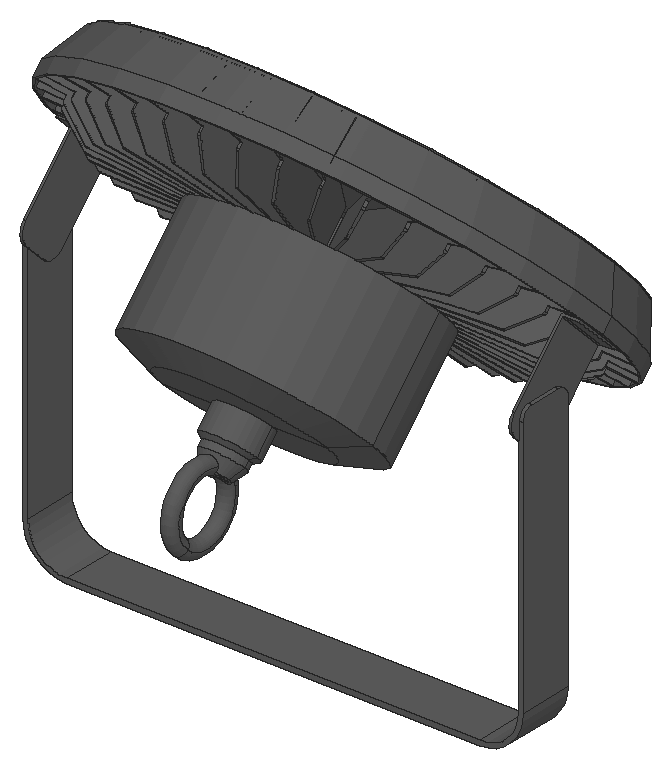
Revit family "0039364+0039355 Sylvania Lighting Fixture START HighBay IP65 DALI 26000lm 840 MB with BRACKET", category Lighting Fixtures, host Face, Revit 2017 (continued)
Definition of nested family "Start LED Highbay DALI Head"
  Nested families
    nested 8: "Start Highbay Rib" at (0, 0, 80.875) x (0.454, 0.891, 0) z (0, 0, 1), type "Type Name", detail levels medium+fine
      with SuspensionHeight_FEILO 2.6 mm, WidthStraight_FEILO 4.7 mm, WidthRingChamfer_FEILO 12.9 mm, WidthCurved_FEILO 26.2 mm, WidthCurvedRing_FEILO 4.7 mm, SizeS_FEILO no, Rib4_FEILO 14.6 mm, Rib3_FEILO 20.2 mm, Rib2_FEILO 4.5 mm, Rib1_FEILO 19 mm, RadiusDiffuser_FEILO 120 mm, RHRadius3_FEILO 8.6 mm, RHRadius2_FEILO 14 mm, RHRadius1_FEILO 17.7 mm, RHHeight4_FEILO 9.2 mm, RHHeight3_FEILO 4.6 mm, RHHeight2_FEILO 2.6 mm, RHHeight1_FEILO 17.4 mm, HeightRing_FEILO 36.8 mm, HeightRingChamfer_FEILO 26.6 mm, EyeThickness_FEILO 10.5 mm, EyeThicknessHalf_FEILO 5.25 mm, EyeInner_FEILO 17.3 mm, DriverVerticalStraight_FEILO 57 mm, DriverVerticalChamfer_FEILO 9.5 mm, DriverRadius_FEILO 76.4 mm, DriverRadiusTop_FEILO 52.4 mm, DriverBottom_FEILO 74 mm, Radius_FEILO 169.5 mm
    nested 9: "Start Highbay Rib" at (0, 0, 80.875) x (0.309, 0.9511, 0) z (0, 0, 1), type "Type Name", detail levels medium+fine
      with SuspensionHeight_FEILO 2.6 mm, WidthStraight_FEILO 4.7 mm, WidthRingChamfer_FEILO 12.9 mm, WidthCurved_FEILO 26.2 mm, WidthCurvedRing_FEILO 4.7 mm, SizeS_FEILO no, Rib4_FEILO 14.6 mm, Rib3_FEILO 20.2 mm, Rib2_FEILO 4.5 mm, Rib1_FEILO 19 mm, RadiusDiffuser_FEILO 120 mm, RHRadius3_FEILO 8.6 mm, RHRadius2_FEILO 14 mm, RHRadius1_FEILO 17.7 mm, RHHeight4_FEILO 9.2 mm, RHHeight3_FEILO 4.6 mm, RHHeight2_FEILO 2.6 mm, RHHeight1_FEILO 17.4 mm, HeightRing_FEILO 36.8 mm, HeightRingChamfer_FEILO 26.6 mm, EyeThickness_FEILO 10.5 mm, EyeThicknessHalf_FEILO 5.25 mm, EyeInner_FEILO 17.3 mm, DriverVerticalStraight_FEILO 57 mm, DriverVerticalChamfer_FEILO 9.5 mm, DriverRadius_FEILO 76.4 mm, DriverRadiusTop_FEILO 52.4 mm, DriverBottom_FEILO 74 mm, Radius_FEILO 169.5 mm
    nested 10: "Start Highbay Rib" at (0, 0, 80.875) x (0.1564, 0.9877, 0) z (0, 0, 1), type "Type Name", detail levels medium+fine
      with SuspensionHeight_FEILO 2.6 mm, WidthStraight_FEILO 4.7 mm, WidthRingChamfer_FEILO 12.9 mm, WidthCurved_FEILO 26.2 mm, WidthCurvedRing_FEILO 4.7 mm, SizeS_FEILO no, Rib4_FEILO 14.6 mm, Rib3_FEILO 20.2 mm, Rib2_FEILO 4.5 mm, Rib1_FEILO 19 mm, RadiusDiffuser_FEILO 120 mm, RHRadius3_FEILO 8.6 mm, RHRadius2_FEILO 14 mm, RHRadius1_FEILO 17.7 mm, RHHeight4_FEILO 9.2 mm, RHHeight3_FEILO 4.6 mm, RHHeight2_FEILO 2.6 mm, RHHeight1_FEILO 17.4 mm, HeightRing_FEILO 36.8 mm, HeightRingChamfer_FEILO 26.6 mm, EyeThickness_FEILO 10.5 mm, EyeThicknessHalf_FEILO 5.25 mm, EyeInner_FEILO 17.3 mm, DriverVerticalStraight_FEILO 57 mm, DriverVerticalChamfer_FEILO 9.5 mm, DriverRadius_FEILO 76.4 mm, DriverRadiusTop_FEILO 52.4 mm, DriverBottom_FEILO 74 mm, Radius_FEILO 169.5 mm
    nested 11: "Start Highbay Rib" at (0, 0, 80.875) x (0, 1, 0) z (0, 0, 1), type "Type Name", detail levels medium+fine
      with SuspensionHeight_FEILO 2.6 mm, WidthStraight_FEILO 4.7 mm, WidthRingChamfer_FEILO 12.9 mm, WidthCurved_FEILO 26.2 mm, WidthCurvedRing_FEILO 4.7 mm, SizeS_FEILO no, Rib4_FEILO 14.6 mm, Rib3_FEILO 20.2 mm, Rib2_FEILO 4.5 mm, Rib1_FEILO 19 mm, RadiusDiffuser_FEILO 120 mm, RHRadius3_FEILO 8.6 mm, RHRadius2_FEILO 14 mm, RHRadius1_FEILO 17.7 mm, RHHeight4_FEILO 9.2 mm, RHHeight3_FEILO 4.6 mm, RHHeight2_FEILO 2.6 mm, RHHeight1_FEILO 17.4 mm, HeightRing_FEILO 36.8 mm, HeightRingChamfer_FEILO 26.6 mm, EyeThickness_FEILO 10.5 mm, EyeThicknessHalf_FEILO 5.25 mm, EyeInner_FEILO 17.3 mm, DriverVerticalStraight_FEILO 57 mm, DriverVerticalChamfer_FEILO 9.5 mm, DriverRadius_FEILO 76.4 mm, DriverRadiusTop_FEILO 52.4 mm, DriverBottom_FEILO 74 mm, Radius_FEILO 169.5 mm
    nested 12: "Start Highbay Rib" at (0, 0, 80.875) x (-0.1564, 0.9877, 0) z (0, 0, 1), type "Type Name", detail levels medium+fine
      with SuspensionHeight_FEILO 2.6 mm, WidthStraight_FEILO 4.7 mm, WidthRingChamfer_FEILO 12.9 mm, WidthCurved_FEILO 26.2 mm, WidthCurvedRing_FEILO 4.7 mm, SizeS_FEILO no, Rib4_FEILO 14.6 mm, Rib3_FEILO 20.2 mm, Rib2_FEILO 4.5 mm, Rib1_FEILO 19 mm, RadiusDiffuser_FEILO 120 mm, RHRadius3_FEILO 8.6 mm, RHRadius2_FEILO 14 mm, RHRadius1_FEILO 17.7 mm, RHHeight4_FEILO 9.2 mm, RHHeight3_FEILO 4.6 mm, RHHeight2_FEILO 2.6 mm, RHHeight1_FEILO 17.4 mm, HeightRing_FEILO 36.8 mm, HeightRingChamfer_FEILO 26.6 mm, EyeThickness_FEILO 10.5 mm, EyeThicknessHalf_FEILO 5.25 mm, EyeInner_FEILO 17.3 mm, DriverVerticalStraight_FEILO 57 mm, DriverVerticalChamfer_FEILO 9.5 mm, DriverRadius_FEILO 76.4 mm, DriverRadiusTop_FEILO 52.4 mm, DriverBottom_FEILO 74 mm, Radius_FEILO 169.5 mm
    nested 13: "Start Highbay Rib" at (0, 0, 80.875) x (-0.309, 0.9511, 0) z (0, 0, 1), type "Type Name", detail levels medium+fine
      with SuspensionHeight_FEILO 2.6 mm, WidthStraight_FEILO 4.7 mm, WidthRingChamfer_FEILO 12.9 mm, WidthCurved_FEILO 26.2 mm, WidthCurvedRing_FEILO 4.7 mm, SizeS_FEILO no, Rib4_FEILO 14.6 mm, Rib3_FEILO 20.2 mm, Rib2_FEILO 4.5 mm, Rib1_FEILO 19 mm, RadiusDiffuser_FEILO 120 mm, RHRadius3_FEILO 8.6 mm, RHRadius2_FEILO 14 mm, RHRadius1_FEILO 17.7 mm, RHHeight4_FEILO 9.2 mm, RHHeight3_FEILO 4.6 mm, RHHeight2_FEILO 2.6 mm, RHHeight1_FEILO 17.4 mm, HeightRing_FEILO 36.8 mm, HeightRingChamfer_FEILO 26.6 mm, EyeThickness_FEILO 10.5 mm, EyeThicknessHalf_FEILO 5.25 mm, EyeInner_FEILO 17.3 mm, DriverVerticalStraight_FEILO 57 mm, DriverVerticalChamfer_FEILO 9.5 mm, DriverRadius_FEILO 76.4 mm, DriverRadiusTop_FEILO 52.4 mm, DriverBottom_FEILO 74 mm, Radius_FEILO 169.5 mm
    nested 14: "Start Highbay Rib" at (0, 0, 80.875) x (-0.454, 0.891, 0) z (0, 0, 1), type "Type Name", detail levels medium+fine
      with SuspensionHeight_FEILO 2.6 mm, WidthStraight_FEILO 4.7 mm, WidthRingChamfer_FEILO 12.9 mm, WidthCurved_FEILO 26.2 mm, WidthCurvedRing_FEILO 4.7 mm, SizeS_FEILO no, Rib4_FEILO 14.6 mm, Rib3_FEILO 20.2 mm, Rib2_FEILO 4.5 mm, Rib1_FEILO 19 mm, RadiusDiffuser_FEILO 120 mm, RHRadius3_FEILO 8.6 mm, RHRadius2_FEILO 14 mm, RHRadius1_FEILO 17.7 mm, RHHeight4_FEILO 9.2 mm, RHHeight3_FEILO 4.6 mm, RHHeight2_FEILO 2.6 mm, RHHeight1_FEILO 17.4 mm, HeightRing_FEILO 36.8 mm, HeightRingChamfer_FEILO 26.6 mm, EyeThickness_FEILO 10.5 mm, EyeThicknessHalf_FEILO 5.25 mm, EyeInner_FEILO 17.3 mm, DriverVerticalStraight_FEILO 57 mm, DriverVerticalChamfer_FEILO 9.5 mm, DriverRadius_FEILO 76.4 mm, DriverRadiusTop_FEILO 52.4 mm, DriverBottom_FEILO 74 mm, Radius_FEILO 169.5 mm
    nested 15: "Start Highbay Rib" at (0, 0, 80.875) x (-0.5878, 0.809, 0) z (0, 0, 1), type "Type Name", detail levels medium+fine
      with SuspensionHeight_FEILO 2.6 mm, WidthStraight_FEILO 4.7 mm, WidthRingChamfer_FEILO 12.9 mm, WidthCurved_FEILO 26.2 mm, WidthCurvedRing_FEILO 4.7 mm, SizeS_FEILO no, Rib4_FEILO 14.6 mm, Rib3_FEILO 20.2 mm, Rib2_FEILO 4.5 mm, Rib1_FEILO 19 mm, RadiusDiffuser_FEILO 120 mm, RHRadius3_FEILO 8.6 mm, RHRadius2_FEILO 14 mm, RHRadius1_FEILO 17.7 mm, RHHeight4_FEILO 9.2 mm, RHHeight3_FEILO 4.6 mm, RHHeight2_FEILO 2.6 mm, RHHeight1_FEILO 17.4 mm, HeightRing_FEILO 36.8 mm, HeightRingChamfer_FEILO 26.6 mm, EyeThickness_FEILO 10.5 mm, EyeThicknessHalf_FEILO 5.25 mm, EyeInner_FEILO 17.3 mm, DriverVerticalStraight_FEILO 57 mm, DriverVerticalChamfer_FEILO 9.5 mm, DriverRadius_FEILO 76.4 mm, DriverRadiusTop_FEILO 52.4 mm, DriverBottom_FEILO 74 mm, Radius_FEILO 169.5 mm
    nested 16: "Start Highbay Rib" at (0, 0, 80.875) x (-0.7071, 0.7071, 0) z (0, 0, 1), type "Type Name", detail levels medium+fine
      with SuspensionHeight_FEILO 2.6 mm, WidthStraight_FEILO 4.7 mm, WidthRingChamfer_FEILO 12.9 mm, WidthCurved_FEILO 26.2 mm, WidthCurvedRing_FEILO 4.7 mm, SizeS_FEILO no, Rib4_FEILO 14.6 mm, Rib3_FEILO 20.2 mm, Rib2_FEILO 4.5 mm, Rib1_FEILO 19 mm, RadiusDiffuser_FEILO 120 mm, RHRadius3_FEILO 8.6 mm, RHRadius2_FEILO 14 mm, RHRadius1_FEILO 17.7 mm, RHHeight4_FEILO 9.2 mm, RHHeight3_FEILO 4.6 mm, RHHeight2_FEILO 2.6 mm, RHHeight1_FEILO 17.4 mm, HeightRing_FEILO 36.8 mm, HeightRingChamfer_FEILO 26.6 mm, EyeThickness_FEILO 10.5 mm, EyeThicknessHalf_FEILO 5.25 mm, EyeInner_FEILO 17.3 mm, DriverVerticalStraight_FEILO 57 mm, DriverVerticalChamfer_FEILO 9.5 mm, DriverRadius_FEILO 76.4 mm, DriverRadiusTop_FEILO 52.4 mm, DriverBottom_FEILO 74 mm, Radius_FEILO 169.5 mm
    nested 17: "Start Highbay Rib" at (0, 0, 80.875) x (-0.809, 0.5878, 0) z (0, 0, 1), type "Type Name", detail levels medium+fine
      with SuspensionHeight_FEILO 2.6 mm, WidthStraight_FEILO 4.7 mm, WidthRingChamfer_FEILO 12.9 mm, WidthCurved_FEILO 26.2 mm, WidthCurvedRing_FEILO 4.7 mm, SizeS_FEILO no, Rib4_FEILO 14.6 mm, Rib3_FEILO 20.2 mm, Rib2_FEILO 4.5 mm, Rib1_FEILO 19 mm, RadiusDiffuser_FEILO 120 mm, RHRadius3_FEILO 8.6 mm, RHRadius2_FEILO 14 mm, RHRadius1_FEILO 17.7 mm, RHHeight4_FEILO 9.2 mm, RHHeight3_FEILO 4.6 mm, RHHeight2_FEILO 2.6 mm, RHHeight1_FEILO 17.4 mm, HeightRing_FEILO 36.8 mm, HeightRingChamfer_FEILO 26.6 mm, EyeThickness_FEILO 10.5 mm, EyeThicknessHalf_FEILO 5.25 mm, EyeInner_FEILO 17.3 mm, DriverVerticalStraight_FEILO 57 mm, DriverVerticalChamfer_FEILO 9.5 mm, DriverRadius_FEILO 76.4 mm, DriverRadiusTop_FEILO 52.4 mm, DriverBottom_FEILO 74 mm, Radius_FEILO 169.5 mm
    nested 18: "Start Highbay Rib" at (0, 0, 80.875) x (-0.891, 0.454, 0) z (0, 0, 1), type "Type Name", detail levels medium+fine
      with SuspensionHeight_FEILO 2.6 mm, WidthStraight_FEILO 4.7 mm, WidthRingChamfer_FEILO 12.9 mm, WidthCurved_FEILO 26.2 mm, WidthCurvedRing_FEILO 4.7 mm, SizeS_FEILO no, Rib4_FEILO 14.6 mm, Rib3_FEILO 20.2 mm, Rib2_FEILO 4.5 mm, Rib1_FEILO 19 mm, RadiusDiffuser_FEILO 120 mm, RHRadius3_FEILO 8.6 mm, RHRadius2_FEILO 14 mm, RHRadius1_FEILO 17.7 mm, RHHeight4_FEILO 9.2 mm, RHHeight3_FEILO 4.6 mm, RHHeight2_FEILO 2.6 mm, RHHeight1_FEILO 17.4 mm, HeightRing_FEILO 36.8 mm, HeightRingChamfer_FEILO 26.6 mm, EyeThickness_FEILO 10.5 mm, EyeThicknessHalf_FEILO 5.25 mm, EyeInner_FEILO 17.3 mm, DriverVerticalStraight_FEILO 57 mm, DriverVerticalChamfer_FEILO 9.5 mm, DriverRadius_FEILO 76.4 mm, DriverRadiusTop_FEILO 52.4 mm, DriverBottom_FEILO 74 mm, Radius_FEILO 169.5 mm
    nested 19: "Start Highbay Rib" at (0, 0, 80.875) x (-0.9511, 0.309, 0) z (0, 0, 1), type "Type Name", detail levels medium+fine
      with SuspensionHeight_FEILO 2.6 mm, WidthStraight_FEILO 4.7 mm, WidthRingChamfer_FEILO 12.9 mm, WidthCurved_FEILO 26.2 mm, WidthCurvedRing_FEILO 4.7 mm, SizeS_FEILO no, Rib4_FEILO 14.6 mm, Rib3_FEILO 20.2 mm, Rib2_FEILO 4.5 mm, Rib1_FEILO 19 mm, RadiusDiffuser_FEILO 120 mm, RHRadius3_FEILO 8.6 mm, RHRadius2_FEILO 14 mm, RHRadius1_FEILO 17.7 mm, RHHeight4_FEILO 9.2 mm, RHHeight3_FEILO 4.6 mm, RHHeight2_FEILO 2.6 mm, RHHeight1_FEILO 17.4 mm, HeightRing_FEILO 36.8 mm, HeightRingChamfer_FEILO 26.6 mm, EyeThickness_FEILO 10.5 mm, EyeThicknessHalf_FEILO 5.25 mm, EyeInner_FEILO 17.3 mm, DriverVerticalStraight_FEILO 57 mm, DriverVerticalChamfer_FEILO 9.5 mm, DriverRadius_FEILO 76.4 mm, DriverRadiusTop_FEILO 52.4 mm, DriverBottom_FEILO 74 mm, Radius_FEILO 169.5 mm
    nested 20: "Start Highbay Rib" at (0, 0, 80.875) x (-0.9877, 0.1564, 0) z (0, 0, 1), type "Type Name", detail levels medium+fine
      with SuspensionHeight_FEILO 2.6 mm, WidthStraight_FEILO 4.7 mm, WidthRingChamfer_FEILO 12.9 mm, WidthCurved_FEILO 26.2 mm, WidthCurvedRing_FEILO 4.7 mm, SizeS_FEILO no, Rib4_FEILO 14.6 mm, Rib3_FEILO 20.2 mm, Rib2_FEILO 4.5 mm, Rib1_FEILO 19 mm, RadiusDiffuser_FEILO 120 mm, RHRadius3_FEILO 8.6 mm, RHRadius2_FEILO 14 mm, RHRadius1_FEILO 17.7 mm, RHHeight4_FEILO 9.2 mm, RHHeight3_FEILO 4.6 mm, RHHeight2_FEILO 2.6 mm, RHHeight1_FEILO 17.4 mm, HeightRing_FEILO 36.8 mm, HeightRingChamfer_FEILO 26.6 mm, EyeThickness_FEILO 10.5 mm, EyeThicknessHalf_FEILO 5.25 mm, EyeInner_FEILO 17.3 mm, DriverVerticalStraight_FEILO 57 mm, DriverVerticalChamfer_FEILO 9.5 mm, DriverRadius_FEILO 76.4 mm, DriverRadiusTop_FEILO 52.4 mm, DriverBottom_FEILO 74 mm, Radius_FEILO 169.5 mm
    nested 21: "Start Highbay Rib" at (0, 0, 80.875) x (-1, 0, 0) z (0, 0, 1), type "Type Name", detail levels medium+fine
      with SuspensionHeight_FEILO 2.6 mm, WidthStraight_FEILO 4.7 mm, WidthRingChamfer_FEILO 12.9 mm, WidthCurved_FEILO 26.2 mm, WidthCurvedRing_FEILO 4.7 mm, SizeS_FEILO no, Rib4_FEILO 14.6 mm, Rib3_FEILO 20.2 mm, Rib2_FEILO 4.5 mm, Rib1_FEILO 19 mm, RadiusDiffuser_FEILO 120 mm, RHRadius3_FEILO 8.6 mm, RHRadius2_FEILO 14 mm, RHRadius1_FEILO 17.7 mm, RHHeight4_FEILO 9.2 mm, RHHeight3_FEILO 4.6 mm, RHHeight2_FEILO 2.6 mm, RHHeight1_FEILO 17.4 mm, HeightRing_FEILO 36.8 mm, HeightRingChamfer_FEILO 26.6 mm, EyeThickness_FEILO 10.5 mm, EyeThicknessHalf_FEILO 5.25 mm, EyeInner_FEILO 17.3 mm, DriverVerticalStraight_FEILO 57 mm, DriverVerticalChamfer_FEILO 9.5 mm, DriverRadius_FEILO 76.4 mm, DriverRadiusTop_FEILO 52.4 mm, DriverBottom_FEILO 74 mm, Radius_FEILO 169.5 mm
    nested 22: "Start Highbay Rib" at (0, 0, 80.875) x (-0.9877, -0.1564, 0) z (0, 0, 1), type "Type Name", detail levels medium+fine
      with SuspensionHeight_FEILO 2.6 mm, WidthStraight_FEILO 4.7 mm, WidthRingChamfer_FEILO 12.9 mm, WidthCurved_FEILO 26.2 mm, WidthCurvedRing_FEILO 4.7 mm, SizeS_FEILO no, Rib4_FEILO 14.6 mm, Rib3_FEILO 20.2 mm, Rib2_FEILO 4.5 mm, Rib1_FEILO 19 mm, RadiusDiffuser_FEILO 120 mm, RHRadius3_FEILO 8.6 mm, RHRadius2_FEILO 14 mm, RHRadius1_FEILO 17.7 mm, RHHeight4_FEILO 9.2 mm, RHHeight3_FEILO 4.6 mm, RHHeight2_FEILO 2.6 mm, RHHeight1_FEILO 17.4 mm, HeightRing_FEILO 36.8 mm, HeightRingChamfer_FEILO 26.6 mm, EyeThickness_FEILO 10.5 mm, EyeThicknessHalf_FEILO 5.25 mm, EyeInner_FEILO 17.3 mm, DriverVerticalStraight_FEILO 57 mm, DriverVerticalChamfer_FEILO 9.5 mm, DriverRadius_FEILO 76.4 mm, DriverRadiusTop_FEILO 52.4 mm, DriverBottom_FEILO 74 mm, Radius_FEILO 169.5 mm
    nested 23: "Start Highbay Rib" at (0, 0, 80.875) x (-0.9511, -0.309, 0) z (0, 0, 1), type "Type Name", detail levels medium+fine
      with SuspensionHeight_FEILO 2.6 mm, WidthStraight_FEILO 4.7 mm, WidthRingChamfer_FEILO 12.9 mm, WidthCurved_FEILO 26.2 mm, WidthCurvedRing_FEILO 4.7 mm, SizeS_FEILO no, Rib4_FEILO 14.6 mm, Rib3_FEILO 20.2 mm, Rib2_FEILO 4.5 mm, Rib1_FEILO 19 mm, RadiusDiffuser_FEILO 120 mm, RHRadius3_FEILO 8.6 mm, RHRadius2_FEILO 14 mm, RHRadius1_FEILO 17.7 mm, RHHeight4_FEILO 9.2 mm, RHHeight3_FEILO 4.6 mm, RHHeight2_FEILO 2.6 mm, RHHeight1_FEILO 17.4 mm, HeightRing_FEILO 36.8 mm, HeightRingChamfer_FEILO 26.6 mm, EyeThickness_FEILO 10.5 mm, EyeThicknessHalf_FEILO 5.25 mm, EyeInner_FEILO 17.3 mm, DriverVerticalStraight_FEILO 57 mm, DriverVerticalChamfer_FEILO 9.5 mm, DriverRadius_FEILO 76.4 mm, DriverRadiusTop_FEILO 52.4 mm, DriverBottom_FEILO 74 mm, Radius_FEILO 169.5 mm
    nested 24: "Start Highbay Rib" at (0, 0, 80.875) x (-0.891, -0.454, 0) z (0, 0, 1), type "Type Name", detail levels medium+fine
      with SuspensionHeight_FEILO 2.6 mm, WidthStraight_FEILO 4.7 mm, WidthRingChamfer_FEILO 12.9 mm, WidthCurved_FEILO 26.2 mm, WidthCurvedRing_FEILO 4.7 mm, SizeS_FEILO no, Rib4_FEILO 14.6 mm, Rib3_FEILO 20.2 mm, Rib2_FEILO 4.5 mm, Rib1_FEILO 19 mm, RadiusDiffuser_FEILO 120 mm, RHRadius3_FEILO 8.6 mm, RHRadius2_FEILO 14 mm, RHRadius1_FEILO 17.7 mm, RHHeight4_FEILO 9.2 mm, RHHeight3_FEILO 4.6 mm, RHHeight2_FEILO 2.6 mm, RHHeight1_FEILO 17.4 mm, HeightRing_FEILO 36.8 mm, HeightRingChamfer_FEILO 26.6 mm, EyeThickness_FEILO 10.5 mm, EyeThicknessHalf_FEILO 5.25 mm, EyeInner_FEILO 17.3 mm, DriverVerticalStraight_FEILO 57 mm, DriverVerticalChamfer_FEILO 9.5 mm, DriverRadius_FEILO 76.4 mm, DriverRadiusTop_FEILO 52.4 mm, DriverBottom_FEILO 74 mm, Radius_FEILO 169.5 mm
    nested 25: "Start Highbay Rib" at (0, 0, 80.875) x (-0.809, -0.5878, 0) z (0, 0, 1), type "Type Name", detail levels medium+fine
      with SuspensionHeight_FEILO 2.6 mm, WidthStraight_FEILO 4.7 mm, WidthRingChamfer_FEILO 12.9 mm, WidthCurved_FEILO 26.2 mm, WidthCurvedRing_FEILO 4.7 mm, SizeS_FEILO no, Rib4_FEILO 14.6 mm, Rib3_FEILO 20.2 mm, Rib2_FEILO 4.5 mm, Rib1_FEILO 19 mm, RadiusDiffuser_FEILO 120 mm, RHRadius3_FEILO 8.6 mm, RHRadius2_FEILO 14 mm, RHRadius1_FEILO 17.7 mm, RHHeight4_FEILO 9.2 mm, RHHeight3_FEILO 4.6 mm, RHHeight2_FEILO 2.6 mm, RHHeight1_FEILO 17.4 mm, HeightRing_FEILO 36.8 mm, HeightRingChamfer_FEILO 26.6 mm, EyeThickness_FEILO 10.5 mm, EyeThicknessHalf_FEILO 5.25 mm, EyeInner_FEILO 17.3 mm, DriverVerticalStraight_FEILO 57 mm, DriverVerticalChamfer_FEILO 9.5 mm, DriverRadius_FEILO 76.4 mm, DriverRadiusTop_FEILO 52.4 mm, DriverBottom_FEILO 74 mm, Radius_FEILO 169.5 mm
    nested 26: "Start Highbay Rib" at (0, 0, 80.875) x (-0.7071, -0.7071, 0) z (0, 0, 1), type "Type Name", detail levels medium+fine
      with SuspensionHeight_FEILO 2.6 mm, WidthStraight_FEILO 4.7 mm, WidthRingChamfer_FEILO 12.9 mm, WidthCurved_FEILO 26.2 mm, WidthCurvedRing_FEILO 4.7 mm, SizeS_FEILO no, Rib4_FEILO 14.6 mm, Rib3_FEILO 20.2 mm, Rib2_FEILO 4.5 mm, Rib1_FEILO 19 mm, RadiusDiffuser_FEILO 120 mm, RHRadius3_FEILO 8.6 mm, RHRadius2_FEILO 14 mm, RHRadius1_FEILO 17.7 mm, RHHeight4_FEILO 9.2 mm, RHHeight3_FEILO 4.6 mm, RHHeight2_FEILO 2.6 mm, RHHeight1_FEILO 17.4 mm, HeightRing_FEILO 36.8 mm, HeightRingChamfer_FEILO 26.6 mm, EyeThickness_FEILO 10.5 mm, EyeThicknessHalf_FEILO 5.25 mm, EyeInner_FEILO 17.3 mm, DriverVerticalStraight_FEILO 57 mm, DriverVerticalChamfer_FEILO 9.5 mm, DriverRadius_FEILO 76.4 mm, DriverRadiusTop_FEILO 52.4 mm, DriverBottom_FEILO 74 mm, Radius_FEILO 169.5 mm
    nested 27: "Start Highbay Rib" at (0, 0, 80.875) x (-0.5878, -0.809, 0) z (0, 0, 1), type "Type Name", detail levels medium+fine
      with SuspensionHeight_FEILO 2.6 mm, WidthStraight_FEILO 4.7 mm, WidthRingChamfer_FEILO 12.9 mm, WidthCurved_FEILO 26.2 mm, WidthCurvedRing_FEILO 4.7 mm, SizeS_FEILO no, Rib4_FEILO 14.6 mm, Rib3_FEILO 20.2 mm, Rib2_FEILO 4.5 mm, Rib1_FEILO 19 mm, RadiusDiffuser_FEILO 120 mm, RHRadius3_FEILO 8.6 mm, RHRadius2_FEILO 14 mm, RHRadius1_FEILO 17.7 mm, RHHeight4_FEILO 9.2 mm, RHHeight3_FEILO 4.6 mm, RHHeight2_FEILO 2.6 mm, RHHeight1_FEILO 17.4 mm, HeightRing_FEILO 36.8 mm, HeightRingChamfer_FEILO 26.6 mm, EyeThickness_FEILO 10.5 mm, EyeThicknessHalf_FEILO 5.25 mm, EyeInner_FEILO 17.3 mm, DriverVerticalStraight_FEILO 57 mm, DriverVerticalChamfer_FEILO 9.5 mm, DriverRadius_FEILO 76.4 mm, DriverRadiusTop_FEILO 52.4 mm, DriverBottom_FEILO 74 mm, Radius_FEILO 169.5 mm
    nested 28: "Start Highbay Rib" at (0, 0, 80.875) x (-0.454, -0.891, 0) z (0, 0, 1), type "Type Name", detail levels medium+fine
      with SuspensionHeight_FEILO 2.6 mm, WidthStraight_FEILO 4.7 mm, WidthRingChamfer_FEILO 12.9 mm, WidthCurved_FEILO 26.2 mm, WidthCurvedRing_FEILO 4.7 mm, SizeS_FEILO no, Rib4_FEILO 14.6 mm, Rib3_FEILO 20.2 mm, Rib2_FEILO 4.5 mm, Rib1_FEILO 19 mm, RadiusDiffuser_FEILO 120 mm, RHRadius3_FEILO 8.6 mm, RHRadius2_FEILO 14 mm, RHRadius1_FEILO 17.7 mm, RHHeight4_FEILO 9.2 mm, RHHeight3_FEILO 4.6 mm, RHHeight2_FEILO 2.6 mm, RHHeight1_FEILO 17.4 mm, HeightRing_FEILO 36.8 mm, HeightRingChamfer_FEILO 26.6 mm, EyeThickness_FEILO 10.5 mm, EyeThicknessHalf_FEILO 5.25 mm, EyeInner_FEILO 17.3 mm, DriverVerticalStraight_FEILO 57 mm, DriverVerticalChamfer_FEILO 9.5 mm, DriverRadius_FEILO 76.4 mm, DriverRadiusTop_FEILO 52.4 mm, DriverBottom_FEILO 74 mm, Radius_FEILO 169.5 mm
    nested 29: "Start Highbay Rib" at (0, 0, 80.875) x (-0.309, -0.9511, 0) z (0, 0, 1), type "Type Name", detail levels medium+fine
      with SuspensionHeight_FEILO 2.6 mm, WidthStraight_FEILO 4.7 mm, WidthRingChamfer_FEILO 12.9 mm, WidthCurved_FEILO 26.2 mm, WidthCurvedRing_FEILO 4.7 mm, SizeS_FEILO no, Rib4_FEILO 14.6 mm, Rib3_FEILO 20.2 mm, Rib2_FEILO 4.5 mm, Rib1_FEILO 19 mm, RadiusDiffuser_FEILO 120 mm, RHRadius3_FEILO 8.6 mm, RHRadius2_FEILO 14 mm, RHRadius1_FEILO 17.7 mm, RHHeight4_FEILO 9.2 mm, RHHeight3_FEILO 4.6 mm, RHHeight2_FEILO 2.6 mm, RHHeight1_FEILO 17.4 mm, HeightRing_FEILO 36.8 mm, HeightRingChamfer_FEILO 26.6 mm, EyeThickness_FEILO 10.5 mm, EyeThicknessHalf_FEILO 5.25 mm, EyeInner_FEILO 17.3 mm, DriverVerticalStraight_FEILO 57 mm, DriverVerticalChamfer_FEILO 9.5 mm, DriverRadius_FEILO 76.4 mm, DriverRadiusTop_FEILO 52.4 mm, DriverBottom_FEILO 74 mm, Radius_FEILO 169.5 mm
    nested 30: "Start Highbay Rib" at (0, 0, 80.875) x (-0.1564, -0.9877, 0) z (0, 0, 1), type "Type Name", detail levels medium+fine
      with SuspensionHeight_FEILO 2.6 mm, WidthStraight_FEILO 4.7 mm, WidthRingChamfer_FEILO 12.9 mm, WidthCurved_FEILO 26.2 mm, WidthCurvedRing_FEILO 4.7 mm, SizeS_FEILO no, Rib4_FEILO 14.6 mm, Rib3_FEILO 20.2 mm, Rib2_FEILO 4.5 mm, Rib1_FEILO 19 mm, RadiusDiffuser_FEILO 120 mm, RHRadius3_FEILO 8.6 mm, RHRadius2_FEILO 14 mm, RHRadius1_FEILO 17.7 mm, RHHeight4_FEILO 9.2 mm, RHHeight3_FEILO 4.6 mm, RHHeight2_FEILO 2.6 mm, RHHeight1_FEILO 17.4 mm, HeightRing_FEILO 36.8 mm, HeightRingChamfer_FEILO 26.6 mm, EyeThickness_FEILO 10.5 mm, EyeThicknessHalf_FEILO 5.25 mm, EyeInner_FEILO 17.3 mm, DriverVerticalStraight_FEILO 57 mm, DriverVerticalChamfer_FEILO 9.5 mm, DriverRadius_FEILO 76.4 mm, DriverRadiusTop_FEILO 52.4 mm, DriverBottom_FEILO 74 mm, Radius_FEILO 169.5 mm
    nested 31: "Start Highbay Rib" at (0, 0, 80.875) x (0, -1, 0) z (0, 0, 1), type "Type Name", detail levels medium+fine
      with SuspensionHeight_FEILO 2.6 mm, WidthStraight_FEILO 4.7 mm, WidthRingChamfer_FEILO 12.9 mm, WidthCurved_FEILO 26.2 mm, WidthCurvedRing_FEILO 4.7 mm, SizeS_FEILO no, Rib4_FEILO 14.6 mm, Rib3_FEILO 20.2 mm, Rib2_FEILO 4.5 mm, Rib1_FEILO 19 mm, RadiusDiffuser_FEILO 120 mm, RHRadius3_FEILO 8.6 mm, RHRadius2_FEILO 14 mm, RHRadius1_FEILO 17.7 mm, RHHeight4_FEILO 9.2 mm, RHHeight3_FEILO 4.6 mm, RHHeight2_FEILO 2.6 mm, RHHeight1_FEILO 17.4 mm, HeightRing_FEILO 36.8 mm, HeightRingChamfer_FEILO 26.6 mm, EyeThickness_FEILO 10.5 mm, EyeThicknessHalf_FEILO 5.25 mm, EyeInner_FEILO 17.3 mm, DriverVerticalStraight_FEILO 57 mm, DriverVerticalChamfer_FEILO 9.5 mm, DriverRadius_FEILO 76.4 mm, DriverRadiusTop_FEILO 52.4 mm, DriverBottom_FEILO 74 mm, Radius_FEILO 169.5 mm
    nested 32: "Start Highbay Rib" at (0, 0, 80.875) x (0.1564, -0.9877, 0) z (0, 0, 1), type "Type Name", detail levels medium+fine
      with SuspensionHeight_FEILO 2.6 mm, WidthStraight_FEILO 4.7 mm, WidthRingChamfer_FEILO 12.9 mm, WidthCurved_FEILO 26.2 mm, WidthCurvedRing_FEILO 4.7 mm, SizeS_FEILO no, Rib4_FEILO 14.6 mm, Rib3_FEILO 20.2 mm, Rib2_FEILO 4.5 mm, Rib1_FEILO 19 mm, RadiusDiffuser_FEILO 120 mm, RHRadius3_FEILO 8.6 mm, RHRadius2_FEILO 14 mm, RHRadius1_FEILO 17.7 mm, RHHeight4_FEILO 9.2 mm, RHHeight3_FEILO 4.6 mm, RHHeight2_FEILO 2.6 mm, RHHeight1_FEILO 17.4 mm, HeightRing_FEILO 36.8 mm, HeightRingChamfer_FEILO 26.6 mm, EyeThickness_FEILO 10.5 mm, EyeThicknessHalf_FEILO 5.25 mm, EyeInner_FEILO 17.3 mm, DriverVerticalStraight_FEILO 57 mm, DriverVerticalChamfer_FEILO 9.5 mm, DriverRadius_FEILO 76.4 mm, DriverRadiusTop_FEILO 52.4 mm, DriverBottom_FEILO 74 mm, Radius_FEILO 169.5 mm
    nested 33: "Start Highbay Rib" at (0, 0, 80.875) x (0.309, -0.9511, 0) z (0, 0, 1), type "Type Name", detail levels medium+fine
      with SuspensionHeight_FEILO 2.6 mm, WidthStraight_FEILO 4.7 mm, WidthRingChamfer_FEILO 12.9 mm, WidthCurved_FEILO 26.2 mm, WidthCurvedRing_FEILO 4.7 mm, SizeS_FEILO no, Rib4_FEILO 14.6 mm, Rib3_FEILO 20.2 mm, Rib2_FEILO 4.5 mm, Rib1_FEILO 19 mm, RadiusDiffuser_FEILO 120 mm, RHRadius3_FEILO 8.6 mm, RHRadius2_FEILO 14 mm, RHRadius1_FEILO 17.7 mm, RHHeight4_FEILO 9.2 mm, RHHeight3_FEILO 4.6 mm, RHHeight2_FEILO 2.6 mm, RHHeight1_FEILO 17.4 mm, HeightRing_FEILO 36.8 mm, HeightRingChamfer_FEILO 26.6 mm, EyeThickness_FEILO 10.5 mm, EyeThicknessHalf_FEILO 5.25 mm, EyeInner_FEILO 17.3 mm, DriverVerticalStraight_FEILO 57 mm, DriverVerticalChamfer_FEILO 9.5 mm, DriverRadius_FEILO 76.4 mm, DriverRadiusTop_FEILO 52.4 mm, DriverBottom_FEILO 74 mm, Radius_FEILO 169.5 mm
    nested 34: "Start Highbay Rib" at (0, 0, 80.875) x (0.454, -0.891, 0) z (0, 0, 1), type "Type Name", detail levels medium+fine
      with SuspensionHeight_FEILO 2.6 mm, WidthStraight_FEILO 4.7 mm, WidthRingChamfer_FEILO 12.9 mm, WidthCurved_FEILO 26.2 mm, WidthCurvedRing_FEILO 4.7 mm, SizeS_FEILO no, Rib4_FEILO 14.6 mm, Rib3_FEILO 20.2 mm, Rib2_FEILO 4.5 mm, Rib1_FEILO 19 mm, RadiusDiffuser_FEILO 120 mm, RHRadius3_FEILO 8.6 mm, RHRadius2_FEILO 14 mm, RHRadius1_FEILO 17.7 mm, RHHeight4_FEILO 9.2 mm, RHHeight3_FEILO 4.6 mm, RHHeight2_FEILO 2.6 mm, RHHeight1_FEILO 17.4 mm, HeightRing_FEILO 36.8 mm, HeightRingChamfer_FEILO 26.6 mm, EyeThickness_FEILO 10.5 mm, EyeThicknessHalf_FEILO 5.25 mm, EyeInner_FEILO 17.3 mm, DriverVerticalStraight_FEILO 57 mm, DriverVerticalChamfer_FEILO 9.5 mm, DriverRadius_FEILO 76.4 mm, DriverRadiusTop_FEILO 52.4 mm, DriverBottom_FEILO 74 mm, Radius_FEILO 169.5 mm
    nested 35: "Start Highbay Rib" at (0, 0, 80.875) x (0.5878, -0.809, 0) z (0, 0, 1), type "Type Name", detail levels medium+fine
      with SuspensionHeight_FEILO 2.6 mm, WidthStraight_FEILO 4.7 mm, WidthRingChamfer_FEILO 12.9 mm, WidthCurved_FEILO 26.2 mm, WidthCurvedRing_FEILO 4.7 mm, SizeS_FEILO no, Rib4_FEILO 14.6 mm, Rib3_FEILO 20.2 mm, Rib2_FEILO 4.5 mm, Rib1_FEILO 19 mm, RadiusDiffuser_FEILO 120 mm, RHRadius3_FEILO 8.6 mm, RHRadius2_FEILO 14 mm, RHRadius1_FEILO 17.7 mm, RHHeight4_FEILO 9.2 mm, RHHeight3_FEILO 4.6 mm, RHHeight2_FEILO 2.6 mm, RHHeight1_FEILO 17.4 mm, HeightRing_FEILO 36.8 mm, HeightRingChamfer_FEILO 26.6 mm, EyeThickness_FEILO 10.5 mm, EyeThicknessHalf_FEILO 5.25 mm, EyeInner_FEILO 17.3 mm, DriverVerticalStraight_FEILO 57 mm, DriverVerticalChamfer_FEILO 9.5 mm, DriverRadius_FEILO 76.4 mm, DriverRadiusTop_FEILO 52.4 mm, DriverBottom_FEILO 74 mm, Radius_FEILO 169.5 mm
    nested 36: "Start Highbay Rib" at (0, 0, 80.875) x (0.7071, -0.7071, 0) z (0, 0, 1), type "Type Name", detail levels medium+fine
      with SuspensionHeight_FEILO 2.6 mm, WidthStraight_FEILO 4.7 mm, WidthRingChamfer_FEILO 12.9 mm, WidthCurved_FEILO 26.2 mm, WidthCurvedRing_FEILO 4.7 mm, SizeS_FEILO no, Rib4_FEILO 14.6 mm, Rib3_FEILO 20.2 mm, Rib2_FEILO 4.5 mm, Rib1_FEILO 19 mm, RadiusDiffuser_FEILO 120 mm, RHRadius3_FEILO 8.6 mm, RHRadius2_FEILO 14 mm, RHRadius1_FEILO 17.7 mm, RHHeight4_FEILO 9.2 mm, RHHeight3_FEILO 4.6 mm, RHHeight2_FEILO 2.6 mm, RHHeight1_FEILO 17.4 mm, HeightRing_FEILO 36.8 mm, HeightRingChamfer_FEILO 26.6 mm, EyeThickness_FEILO 10.5 mm, EyeThicknessHalf_FEILO 5.25 mm, EyeInner_FEILO 17.3 mm, DriverVerticalStraight_FEILO 57 mm, DriverVerticalChamfer_FEILO 9.5 mm, DriverRadius_FEILO 76.4 mm, DriverRadiusTop_FEILO 52.4 mm, DriverBottom_FEILO 74 mm, Radius_FEILO 169.5 mm
    nested 37: "Start Highbay Rib" at (0, 0, 80.875) x (0.809, -0.5878, 0) z (0, 0, 1), type "Type Name", detail levels medium+fine
      with SuspensionHeight_FEILO 2.6 mm, WidthStraight_FEILO 4.7 mm, WidthRingChamfer_FEILO 12.9 mm, WidthCurved_FEILO 26.2 mm, WidthCurvedRing_FEILO 4.7 mm, SizeS_FEILO no, Rib4_FEILO 14.6 mm, Rib3_FEILO 20.2 mm, Rib2_FEILO 4.5 mm, Rib1_FEILO 19 mm, RadiusDiffuser_FEILO 120 mm, RHRadius3_FEILO 8.6 mm, RHRadius2_FEILO 14 mm, RHRadius1_FEILO 17.7 mm, RHHeight4_FEILO 9.2 mm, RHHeight3_FEILO 4.6 mm, RHHeight2_FEILO 2.6 mm, RHHeight1_FEILO 17.4 mm, HeightRing_FEILO 36.8 mm, HeightRingChamfer_FEILO 26.6 mm, EyeThickness_FEILO 10.5 mm, EyeThicknessHalf_FEILO 5.25 mm, EyeInner_FEILO 17.3 mm, DriverVerticalStraight_FEILO 57 mm, DriverVerticalChamfer_FEILO 9.5 mm, DriverRadius_FEILO 76.4 mm, DriverRadiusTop_FEILO 52.4 mm, DriverBottom_FEILO 74 mm, Radius_FEILO 169.5 mm
    nested 38: "Start Highbay Rib" at (0, 0, 80.875) x (0.891, -0.454, 0) z (0, 0, 1), type "Type Name", detail levels medium+fine
      with SuspensionHeight_FEILO 2.6 mm, WidthStraight_FEILO 4.7 mm, WidthRingChamfer_FEILO 12.9 mm, WidthCurved_FEILO 26.2 mm, WidthCurvedRing_FEILO 4.7 mm, SizeS_FEILO no, Rib4_FEILO 14.6 mm, Rib3_FEILO 20.2 mm, Rib2_FEILO 4.5 mm, Rib1_FEILO 19 mm, RadiusDiffuser_FEILO 120 mm, RHRadius3_FEILO 8.6 mm, RHRadius2_FEILO 14 mm, RHRadius1_FEILO 17.7 mm, RHHeight4_FEILO 9.2 mm, RHHeight3_FEILO 4.6 mm, RHHeight2_FEILO 2.6 mm, RHHeight1_FEILO 17.4 mm, HeightRing_FEILO 36.8 mm, HeightRingChamfer_FEILO 26.6 mm, EyeThickness_FEILO 10.5 mm, EyeThicknessHalf_FEILO 5.25 mm, EyeInner_FEILO 17.3 mm, DriverVerticalStraight_FEILO 57 mm, DriverVerticalChamfer_FEILO 9.5 mm, DriverRadius_FEILO 76.4 mm, DriverRadiusTop_FEILO 52.4 mm, DriverBottom_FEILO 74 mm, Radius_FEILO 169.5 mm
    nested 39: "Start Highbay Rib" at (0, 0, 80.875) x (0.9511, -0.309, 0) z (0, 0, 1), type "Type Name", detail levels medium+fine
      with SuspensionHeight_FEILO 2.6 mm, WidthStraight_FEILO 4.7 mm, WidthRingChamfer_FEILO 12.9 mm, WidthCurved_FEILO 26.2 mm, WidthCurvedRing_FEILO 4.7 mm, SizeS_FEILO no, Rib4_FEILO 14.6 mm, Rib3_FEILO 20.2 mm, Rib2_FEILO 4.5 mm, Rib1_FEILO 19 mm, RadiusDiffuser_FEILO 120 mm, RHRadius3_FEILO 8.6 mm, RHRadius2_FEILO 14 mm, RHRadius1_FEILO 17.7 mm, RHHeight4_FEILO 9.2 mm, RHHeight3_FEILO 4.6 mm, RHHeight2_FEILO 2.6 mm, RHHeight1_FEILO 17.4 mm, HeightRing_FEILO 36.8 mm, HeightRingChamfer_FEILO 26.6 mm, EyeThickness_FEILO 10.5 mm, EyeThicknessHalf_FEILO 5.25 mm, EyeInner_FEILO 17.3 mm, DriverVerticalStraight_FEILO 57 mm, DriverVerticalChamfer_FEILO 9.5 mm, DriverRadius_FEILO 76.4 mm, DriverRadiusTop_FEILO 52.4 mm, DriverBottom_FEILO 74 mm, Radius_FEILO 169.5 mm
    nested 40: "Start Highbay Rib" at (0, 0, 80.875) x (0.9877, -0.1564, 0) z (0, 0, 1), type "Type Name", detail levels medium+fine
      with SuspensionHeight_FEILO 2.6 mm, WidthStraight_FEILO 4.7 mm, WidthRingChamfer_FEILO 12.9 mm, WidthCurved_FEILO 26.2 mm, WidthCurvedRing_FEILO 4.7 mm, SizeS_FEILO no, Rib4_FEILO 14.6 mm, Rib3_FEILO 20.2 mm, Rib2_FEILO 4.5 mm, Rib1_FEILO 19 mm, RadiusDiffuser_FEILO 120 mm, RHRadius3_FEILO 8.6 mm, RHRadius2_FEILO 14 mm, RHRadius1_FEILO 17.7 mm, RHHeight4_FEILO 9.2 mm, RHHeight3_FEILO 4.6 mm, RHHeight2_FEILO 2.6 mm, RHHeight1_FEILO 17.4 mm, HeightRing_FEILO 36.8 mm, HeightRingChamfer_FEILO 26.6 mm, EyeThickness_FEILO 10.5 mm, EyeThicknessHalf_FEILO 5.25 mm, EyeInner_FEILO 17.3 mm, DriverVerticalStraight_FEILO 57 mm, DriverVerticalChamfer_FEILO 9.5 mm, DriverRadius_FEILO 76.4 mm, DriverRadiusTop_FEILO 52.4 mm, DriverBottom_FEILO 74 mm, Radius_FEILO 169.5 mm
  Definition of nested family "Start Highbay Rib"
    Parameters (values of type "Type Name")
      WidthStraight_FEILO = if(SizeS_FEILO, 3 mm, if(SizeM_FEILO, 4 mm, 4.7 mm))  # 3 mm
      WidthRingChamfer_FEILO = if(SizeS_FEILO, 10.3 mm, if(SizeM_FEILO, 11.2 mm, 12.9 mm))  # 10.3 mm
      WidthCurved_FEILO = if(SizeS_FEILO, 17.4 mm, if(SizeM_FEILO, 16.4 mm, 26.2 mm))  # 17.4 mm
      WidthCurvedRing_FEILO = if(SizeS_FEILO, 3 mm, if(SizeM_FEILO, 4 mm, 4.7 mm))  # 3 mm
      WidthBracket_FEILO = 40 mm
      URL = "http://www.feilosylvania.com"
      Type Image = (empty or 0)
      Type Comments = "n/a"
      ThicknessWall_FEILO = 1.5 mm
      ThicknessBracket_FEILO = 1.5 mm
      ThicknessBracketHalf_FEILO = ThicknessBracket_FEILO / 2  # 0.75 mm
      SuspensionHeight_FEILO [instance] = 2.6 mm
      SizeS_FEILO = yes
      SizeM_FEILO = no
      Rib4_FEILO = if(SizeS_FEILO, 18.1 mm, if(SizeM_FEILO, 13.6 mm, 14.6 mm))  # 18.1 mm
      Rib3_FEILO = if(SizeS_FEILO, 15.3 mm, if(SizeM_FEILO, 17.6 mm, 20.2 mm))  # 15.3 mm
      Rib2_FEILO = if(SizeS_FEILO, 3.6 mm, if(SizeM_FEILO, 3.9 mm, 4.5 mm))  # 3.6 mm
      Rib1_FEILO = if(SizeS_FEILO, 15.1 mm, if(SizeM_FEILO, 16.5 mm, 19 mm))  # 15.1 mm
      RadiusRib_FEILO = 2 mm
      RadiusDiffuser_FEILO = if(SizeS_FEILO, 95.2 mm, if(SizeM_FEILO, 105.3 mm, 120 mm))  # 95.2 mm
      RHRadius3_FEILO = if(SizeS_FEILO, 6.6 mm, if(SizeM_FEILO, 7.4 mm, 8.6 mm))  # 6.6 mm
      RHRadius2_FEILO = if(SizeS_FEILO, 11 mm, if(SizeM_FEILO, 12 mm, 14 mm))  # 11 mm
      RHRadius1_FEILO = if(SizeS_FEILO, 13.6 mm, if(SizeM_FEILO, 14.9 mm, 17.7 mm))  # 13.6 mm
      RHHeight4_FEILO = if(SizeS_FEILO, 7.3 mm, if(SizeM_FEILO, 8 mm, 9.2 mm))  # 7.3 mm
      RHHeight3_FEILO = if(SizeS_FEILO, 3.6 mm, if(SizeM_FEILO, 3.7 mm, 4.6 mm))  # 3.6 mm
      RHHeight2_FEILO = if(SizeS_FEILO, 2 mm, if(SizeM_FEILO, 2.2 mm, 2.6 mm))  # 2 mm
      RHHeight1_FEILO = if(SizeS_FEILO, 11.8 mm, if(SizeM_FEILO, 15.3 mm, 17.4 mm))  # 11.8 mm
      Material_3_FEILO = none
      Model = ""
      Manufacturer = "Feilo Sylvania"
      Keynote = "16500"
      HeightRing_FEILO = if(SizeS_FEILO, 19.8 mm, if(SizeM_FEILO, 32 mm, 36.8 mm))  # 19.8 mm
      HeightRingChamfer_FEILO = if(SizeS_FEILO, 11.7 mm, if(SizeM_FEILO, 23.2 mm, 26.6 mm))  # 11.7 mm
      EyeThickness_FEILO = if(SizeS_FEILO, 8.4 mm, if(SizeM_FEILO, 9.2 mm, 10.5 mm))  # 8.4 mm
      EyeThicknessHalf_FEILO = EyeThickness_FEILO / 2  # 4.2 mm
      EyeInner_FEILO = if(SizeS_FEILO, 13.8 mm, if(SizeM_FEILO, 15.1 mm, 17.3 mm))  # 13.8 mm
      DriverVerticalStraight_FEILO = if(SizeS_FEILO, 46.5 mm, if(SizeM_FEILO, 49.7 mm, 57 mm))  # 46.5 mm
      DriverVerticalChamfer_FEILO = if(SizeS_FEILO, 7.5 mm, if(SizeM_FEILO, 8.2 mm, 9.5 mm))  # 7.5 mm
      DriverRadius_FEILO = if(SizeS_FEILO, 61.4 mm, if(SizeM_FEILO, 67.2 mm, 76.4 mm))  # 61.4 mm
      DriverRadiusTop_FEILO = if(SizeS_FEILO, 42 mm, if(SizeM_FEILO, 45.3 mm, 52.4 mm))  # 42 mm
      DriverBottom_FEILO = if(SizeS_FEILO, 56 mm, if(SizeM_FEILO, 64.5 mm, 74 mm))  # 56 mm
      Material_2_FEILO = none
      Radius_FEILO = if(SizeS_FEILO, 135 mm, if(SizeM_FEILO, 148 mm, 169.5 mm))  # 135 mm
      Description = ""
      Default Elevation = 1219.2 mm
      Cost = 0
      Material_1_FEILO = none
      Assembly Code = "D5020200"
      Material_4_FEILO = none
    Reference planes
      plane 1 "Center (Front/Back)": y = 0
      plane 2: z = 0
      plane 3 "Center (Left/Right)": x = 0
      plane 4: z = 2.6
      plane 5: x = -135
      plane 6: x = -124.7
      plane 7: z = -9.1
      plane 8: z = -17.2
      plane 9: x = -121.7
      plane 10: z = -0.025
      plane 11: x = -104.3
      plane 12: x = -95.2
      plane 13: x = -118.7
      plane 14: z = 0.975
      plane 15: z = -1.025
      plane 16: x = -92.2
      plane 17: z = -2.025
      plane 18: x = -133.5
      plane 19: x = -119.9
      plane 20: z = -20.8
      plane 21: x = -104.6
      plane 22: z = -38.9
      plane 23: x = -20
      plane 24: z = -53.4
      plane 25: x = -61.4
      plane 26: z = -99.9
      plane 27: x = -42
      plane 28: z = -107.4
      plane 29: x = -13.6
      plane 30: z = -119.2
      plane 31: z = -121.2
      plane 32: x = -11
      plane 33: z = -124.8
      plane 34: z = -132.1
      plane 35: x = -6.6
      plane 36: z = -145.9
      plane 37: z = -159.7
      plane 38: x = 4.2
      plane 39: x = -4.2
      plane 40: z = -168.1
      plane 41: z = -163.9
      plane 42: x = -129.1
      plane 43: x = -132.5
      plane 44: z = -18.7
      plane 45: x = -123.2
      plane 46: z = -76.65
      plane 47: y = -20
      plane 48: y = 20
      plane 49: x = 135
      plane 50: x = 124.7
      plane 51: x = 133.5
      plane 52: x = 129.1
      plane 53: x = 132.5
      plane 54: x = 123.2
      plane 55: y = 0.75
      plane 56: y = -0.75
    Forms (mm)
      Extrusion 1, solid
        sketch origin (4.2, 0, 0) x (1, 0, 0) y (0, 1, 0)
          loop
            line (-1219.2, 1219.2) -> (-1219.2, -1219.2) -> (1219.2, -1219.2) -> (1219.2, 1219.2) -> (-1219.2, 1219.2)
        from 0 to -68.017
      Extrusion 2, solid, material <- "Material_1_FEILO"
        sketch origin (0, 0, 0) x (1, 0, 0) y (0, 0, 1)
          loop
            arc (-104.3, -0.025) -> (-111.555, 0.423) -> (-118.7, 1.76) r 58.981
            line (-118.7, 1.76) -> (-118.7, -0.025) -> (-125.012, -0.025) -> (-133.5, -9.666) -> (-133.5, -17.2) -> (-119.9, -17.2) -> (-119.9, -20.068)
            arc (-119.9, -20.068) -> (-119.778, -20.755) -> (-119.427, -21.359) r 2
            line (-119.427, -21.359) -> (-104.966, -38.467)
            arc (-104.966, -38.467) -> (-104.381, -38.789) -> (-103.723, -38.9) r 2
            line (-103.723, -38.9) -> (-20, -38.9) -> (-20, -9.1) -> (-95.2, -9.1) -> (-95.2, -2.025) -> (-104.3, -2.025) -> (-104.3, -0.025)
        from -0.75 to 0.75
    Lines and regions (mm)
      reference lines
        curve 1: line (-135, 0, -9.1) -> (-124.7, 0, 2.6)
        curve 2: line (-104.3, 0, -0.025) -> (0, 0, -0.025)
        curve 3: arc (-104.3, 0, -0.025) -> (-113.098, 0, 0.635) -> (-121.7, 0, 2.6) r 58.981
        curve 4: line (-124.7, 0, 2.6) -> (-121.7, 0, 2.6)
        curve 5: line (-125.012, 0, -0.025) -> (-133.5, 0, -9.666)
        curve 6: line (-119.9, 0, -20.8) -> (-104.6, 0, -38.9)
    Dimensions and locks
      "Radius_FEILO": plane 3 "Center (Left/Right)" to plane 5
      "WidthRingChamfer_FEILO": plane 6 to plane 5
      "WidthStraight_FEILO": plane 9 to plane 6
      "WidthCurvedRing_FEILO": plane 13 to plane 9
      locked: plane 10 to plane 15 at 1
      locked: plane 14 to plane 10 at 1
      locked: plane 4 to plane 10 at 2.625
      locked: plane 15 to plane 17 at 1
      "ThicknessWall_FEILO": plane 18 to plane 5
      "ThicknessWall_FEILO": curve 5 to curve 1
      "HeightRingChamfer_FEILO": plane 4 to plane 7
      "HeightRing_FEILO": plane 4 to plane 8
      "RadiusDiffuser_FEILO": plane 3 "Center (Left/Right)" to plane 12
      locked: plane 16 to plane 12 at 3
      "WidthCurved_FEILO": plane 11 to plane 9
      "SuspensionHeight_FEILO": plane 4 to plane 2
      "Rib1_FEILO": plane 19 to plane 5
      "Rib2_FEILO": plane 8 to plane 20
      "Rib3_FEILO": plane 21 to plane 19
      "Rib4_FEILO": plane 20 to plane 22
      locked: plane 3 "Center (Left/Right)" to plane 23 at 20
      "DriverBottom_FEILO": plane 4 to plane 24
      "DriverRadius_FEILO": plane 3 "Center (Left/Right)" to plane 25
      "DriverVerticalStraight_FEILO": plane 24 to plane 26
      "DriverRadiusTop_FEILO": plane 3 "Center (Left/Right)" to plane 27
      "DriverVerticalChamfer_FEILO": plane 26 to plane 28
      "RHRadius1_FEILO": plane 3 "Center (Left/Right)" to plane 29
      "RHHeight2_FEILO": plane 30 to plane 31
      "RHRadius2_FEILO": plane 3 "Center (Left/Right)" to plane 32
      "RHHeight3_FEILO": plane 31 to plane 33
      "RHHeight4_FEILO": plane 33 to plane 34
      "RHRadius3_FEILO": plane 3 "Center (Left/Right)" to plane 35
      "RHHeight1_FEILO": plane 28 to plane 30
      "EyeInner_FEILO": plane 34 to plane 36
      "EyeInner_FEILO": plane 36 to plane 37
      equal spacing: plane 38, plane 3 "Center (Left/Right)", plane 39
      "EyeThickness_FEILO": plane 38 to plane 39
      "EyeThickness_FEILO": plane 37 to plane 40
      equal spacing: plane 37, plane 41, plane 40
      equal spacing: plane 6, plane 42, plane 18
      "ThicknessBracket_FEILO": plane 45 to plane 6
      "ThicknessBracket_FEILO": plane 8 to plane 44
      locked: plane 43 to plane 18 at 1
      equal spacing: plane 24, plane 46, plane 26
      equal spacing: plane 47, plane 1 "Center (Front/Back)", plane 48
      "WidthBracket_FEILO": plane 47 to plane 48
      "WidthRingChamfer_FEILO": plane 50 to plane 49
      "ThicknessWall_FEILO": plane 51 to plane 49
      equal spacing: plane 50, plane 52, plane 51
      "ThicknessBracket_FEILO": plane 54 to plane 50
      locked: plane 53 to plane 51 at 1
      "Radius_FEILO": plane 49 to plane 3 "Center (Left/Right)"
      equal spacing: plane 56, plane 1 "Center (Front/Back)", plane 55
      "ThicknessWall_FEILO": plane 56 to plane 55
      "RadiusRib_FEILO": radius of Extrusion 2 sketch curve  (x2)
      aligned and locked: plane 2 to Extrusion 1
      aligned and locked: level to Extrusion 1
      aligned and locked: plane 5 to curve 1
      aligned and locked: plane 6 to curve 1
      aligned and locked: plane 7 to curve 1
      aligned and locked: plane 10 to curve 2
      aligned and locked: plane 9 to curve 3
      aligned and locked: plane 4 to curve 3
      aligned and locked: plane 11 to curve 3
      aligned and locked: plane 4 to curve 4
      aligned and locked: plane 18 to curve 5
      aligned and locked: plane 10 to curve 5
      aligned and locked: plane 22 to curve 6
      aligned and locked: plane 21 to curve 6
      aligned and locked: plane 20 to curve 6
      aligned and locked: plane 19 to curve 6
      aligned and locked: Extrusion 2 sketch curve to plane 23
      aligned and locked: Extrusion 2 sketch curve to plane 22
      aligned and locked: Extrusion 2 sketch curve to curve 6
      aligned and locked: plane 19 to Extrusion 2 sketch curve
      aligned and locked: Extrusion 2 sketch curve to plane 8
      aligned and locked: Extrusion 2 sketch curve to curve 5
      aligned and locked: Extrusion 2 sketch curve to curve 3
      aligned and locked: Extrusion 2 to plane 55
      aligned and locked: plane 56 to Extrusion 2
      aligned and locked: curve 6 to Extrusion 2 sketch curve
    Automatic sketch dimensions
      Extrusion 1 sketch curve to Extrusion 1 sketch curve = 2438.4 mm  (x2)
      curve 2 to plane 3 "Center (Left/Right)" = 0 mm
      Extrusion 2 sketch curve to plane 18 = 0 mm
      Extrusion 2 sketch curve to plane 10 = 0 mm
      Extrusion 2 sketch curve to plane 13 = 0 mm
      Extrusion 2 sketch curve to plane 7 = 0 mm
      Extrusion 2 sketch curve to plane 12 = 0 mm
      Extrusion 2 sketch curve to plane 17 = 0 mm
      plane 19 to Extrusion 2 sketch curve = 0.473 mm
      Extrusion 2 sketch curve to plane 21 = 0.366 mm
